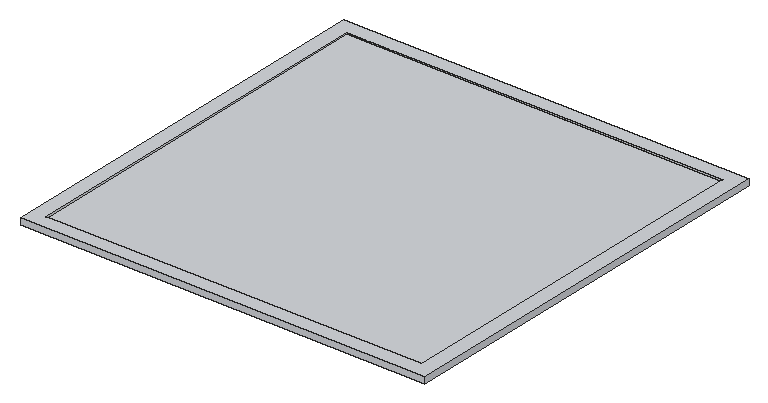
Revit family "0042217", category Lighting Fixtures, host Face, Revit 2017
Family settings
  Host = Face
  Round Connector Dimension = Use Diameter
  Part Type = Normal
  OmniClass Number = 23.80.70.00
  OmniClass Title = Lighting
  Cut with Voids When Loaded = No
  Light Source = Yes
  Shared = No
  Room Calculation Point = No
Parameters (values of type "0042217 ST PANEL UGR19 600X600 DALI 4800LM 840")
  Weight = "kg"
  Wattage Comments = ""
  Wattage = 43 W
  WarrantyStartDate [instance] = "n/a"
  WarrantyGuarantorParts = "n/a"
  WarrantyDurationUnit = "n/a"
  WarrantyDurationParts = "n/a"
  WarrantyDescription = "n/a"
  WIDTH_SYL = 297.5 mm
  built-in parameter 1150110 = 1 (stored number, unit not read)
  Voltage = 0 V
  URL = "http://www.sylvania-lighting.com"
  TypeName = "START Panel UGR19 600x600 DALI 4800Lm 840"
  Type Image = <None>
  Type Comments = "n/a"
  built-in parameter 1114217 = 1 (stored number, unit not read)
  Tilt Angle = -90.00°
  built-in parameter 1150109 = 1 (stored number, unit not read)
  built-in parameter 1150134 = 12
  TOPWIDTH_SYL = 245 mm
  built-in parameter 1150113 = 1 (stored number, unit not read)
  SerialNumber [instance] = "n/a"
  Photometric Web File = "0042217.ies"
  Material_3_SYL = none
  PowerFactor = 0.9
  PowerConsumption = "43 W"
  NominalLength = 595 mm
  NominalHeight = 34 mm
  NominalDepth = 595 mm
  Name = "START Panel UGR19 600x600 DALI 4800Lm 840"
  ModelReference = Name  # "START Panel UGR19 600x600 DALI 4800Lm 840"
  ModelNumber = "0042217"
  Model = Name  # "START Panel UGR19 600x600 DALI 4800Lm 840"
  Material = "aluminium,steel housing, other diffuser"
  ManufacturerName = "Feilo Sylvania"
  Manufacturer = "Feilo Sylvania"
  MAINHEIGHT_SYL = 63 mm
  LuminousEfficacy = "112 lm/W"
  built-in parameter 1150105 = 383.25 (stored number, unit not read)
  Lumens = 4816 lm
  LuminaireType = ""
  built-in parameter 1150115 = 1 (stored number, unit not read)
  LightOutputRatio = "n/a"
  built-in parameter 1150137 = (empty or 0)
  built-in parameter 1150139 = (empty or 0)
  LampsType = Lamp  # "LED"
  LampNominalLuminous = "4800 lm"
  LampMacAdamStep = "3"
  LampColourTemperature = "4000 K"
  LampColourRenderingIndex = "80"
  built-in parameter 1150112 = 1 (stored number, unit not read)
  built-in parameter 1150114 = 1 (stored number, unit not read)
  Lamp = "LED"
  LUMWIDTH_SYL = 276.5 mm
  LUMDEPTH_SYL = 276.5 mm
  Keynote = "16500"
  InstallationDate [instance] = "n/a"
  InputVoltage = "n/a"
  InputNominalFrequency = "n/a"
  built-in parameter 1150132 = (empty or 0)
  built-in parameter 1150102 = (empty or 0)
  built-in parameter 1150107 = 4000 (stored number, unit not read)
  built-in parameter 1150138 = (empty or 0)
  IngressProtection = "IP40/20"
  ImpactProtectionIndex = "IK03"
  built-in parameter 1150106 = 3.8325 (stored number, unit not read)
  IfcExportType = "IfcLightFixtureType"
  IfcExportAs = "IfcLightFixtureType"
  HEIGHT_SYL = 33 mm
  HEIGHTBOTT_SYL = 7 mm
  Emit from Circle Diameter = 609.6 mm
  Emit Shape Visible in Rendering = no
  ElectricShockClassification = "Class II"
  built-in parameter 1150104 = 10.405 (stored number, unit not read)
  DocumentationLiterature = "http://www.sylvania-lighting.com/product/en-int/products/0042217"
  DimmingControlOptions = "n/a"
  Material_2_SYL = none
  Dimming Lamp Color Temperature Shift = <None>
  Description = ""
  Default Elevation = 1219.2 mm
  DEPTH_SYL = 297.5 mm
  CreatedOn = "9/8/2020"
  CreatedBy = "@sylvania-lighting.com"
  Cost = 0
  Color Filter = 16777215
  built-in parameter 1114216 [instance] = (empty or 0)
  ClassificationValue = "EF_70_80"
  ClassificationName = "Uniclass2015"
  Material_1_SYL = none
  BarCode [instance] = "n/a"
  built-in parameter 1114218 = 1 (stored number, unit not read)
  BOX_WIDTH_SYL = 40 mm
  built-in parameter 1150133 = 10 (stored number, unit not read)
  AssetType = "Fixed"
  AssetIdentifier [instance] = "n/a"
  Assembly Code = "D5020200"
  Apparent Load = 43 VA
  Material_4_SYL = none
  -LUMDEPTH_SYL = LUMDEPTH_SYL * (-1)  # -276.5 mm
Types (15, lengths in mm): name | Wattage | TypeName | built-in parameter 1150134 | Photometric Web File | PowerConsumption | NominalHeight | Name | ModelReference | ModelNumber | Model | LuminousEfficacy | built-in parameter 1150105 | Lumens | LampNominalLuminous | LampMacAdamStep | LampColourTemperature | built-in parameter 1150107 | built-in parameter 1150106 | built-in parameter 1150104 | DocumentationLiterature | Apparent Load
  0042247 ST PANEL 600X600 HE DALI 4300LM 840 | 34 W | "START Panel 600x600 HE DALI 4300Lm 840" | 12 | "0042247.ies" | "34 W" | 34 | "START Panel 600x600 HE DALI 4300Lm 840" | "START Panel 600x600 HE DALI 4300Lm 840" | "0042247" | "START Panel 600x600 HE DALI 4300Lm 840" | "126 lm/W" | 340.91 (stored number, unit not read) | 4284 lm | "4300 lm" | "3" | "4000 K" | 4000 (stored number, unit not read) | 3.4091 (stored number, unit not read) | 11.706 (stored number, unit not read) | "http://www.sylvania-lighting.com/product/en-int/products/0042247" | 34 VA
  0042246 ST PANEL 600X600 HE DALI 4100LM 830 | 34 W | "START Panel 600x600 HE DALI 4100Lm 830" | (empty or 0) | "0042246.ies" | "34 W" | 34 | "START Panel 600x600 HE DALI 4100Lm 830" | "START Panel 600x600 HE DALI 4100Lm 830" | "0042246" | "START Panel 600x600 HE DALI 4100Lm 830" | "121 lm/W" | 327.38 (stored number, unit not read) | 4114 lm | "4100 lm" | "3" | "3000 K" | 3000 (stored number, unit not read) | 3.2738 (stored number, unit not read) | 11.241 (stored number, unit not read) | "http://www.sylvania-lighting.com/product/en-int/products/0042246" | 34 VA
  0042245 ST PANEL 600X600 DALI 4000LM 865 | 36 W | "START Panel 600x600 DALI 4000Lm 865" | 1 | "0042245.ies" | "36 W" | 34 | "START Panel 600x600 DALI 4000Lm 865" | "START Panel 600x600 DALI 4000Lm 865" | "0042245" | "START Panel 600x600 DALI 4000Lm 865" | "111 lm/W" | 317.99 (stored number, unit not read) | 3996 lm | "4000 lm" | "6" | "6500 K" | 6500 (stored number, unit not read) | 3.1799 (stored number, unit not read) | 10.312 (stored number, unit not read) | "http://www.sylvania-lighting.com/product/en-int/products/0042245" | 36 VA
  0042244 ST PANEL 600X600 DALI 4000LM 840 | 36 W | "START Panel 600x600 DALI 4000Lm 840" | 12 | "0042244.ies" | "36 W" | 34 | "START Panel 600x600 DALI 4000Lm 840" | "START Panel 600x600 DALI 4000Lm 840" | "0042244" | "START Panel 600x600 DALI 4000Lm 840" | "111 lm/W" | 317.99 (stored number, unit not read) | 3996 lm | "4000 lm" | "3" | "4000 K" | 4000 (stored number, unit not read) | 3.1799 (stored number, unit not read) | 10.312 (stored number, unit not read) | "http://www.sylvania-lighting.com/product/en-int/products/0042244" | 36 VA
  0042243 ST PANEL 600X600 DALI 3800LM 830 | 36 W | "START Panel 600x600 DALI 3800Lm 830" | (empty or 0) | "0042243.ies" | "36 W" | 34 | "START Panel 600x600 DALI 3800Lm 830" | "START Panel 600x600 DALI 3800Lm 830" | "0042243" | "START Panel 600x600 DALI 3800Lm 830" | "106 lm/W" | 303.67 (stored number, unit not read) | 3816 lm | "3800 lm" | "3" | "3000 K" | 3000 (stored number, unit not read) | 3.0367 (stored number, unit not read) | 9.8477 (stored number, unit not read) | "http://www.sylvania-lighting.com/product/en-int/products/0042243" | 36 VA
  0042218 ST PANEL UGR19 600X600 DALI 4800LM 865 | 43 W | "START Panel UGR19 600x600 DALI 4800Lm 865" | 1 | "0042218.ies" | "43 W" | 34 | "START Panel UGR19 600x600 DALI 4800Lm 865" | "START Panel UGR19 600x600 DALI 4800Lm 865" | "0042218" | "START Panel UGR19 600x600 DALI 4800Lm 865" | "112 lm/W" | 383.25 (stored number, unit not read) | 4816 lm | "4800 lm" | "6" | "6500 K" | 6500 (stored number, unit not read) | 3.8325 (stored number, unit not read) | 10.405 (stored number, unit not read) | "http://www.sylvania-lighting.com/product/en-int/products/0042218" | 43 VA
  0042217 ST PANEL UGR19 600X600 DALI 4800LM 840 | 43 W | "START Panel UGR19 600x600 DALI 4800Lm 840" | 12 | "0042217.ies" | "43 W" | 34 | "START Panel UGR19 600x600 DALI 4800Lm 840" | "START Panel UGR19 600x600 DALI 4800Lm 840" | "0042217" | "START Panel UGR19 600x600 DALI 4800Lm 840" | "112 lm/W" | 383.25 (stored number, unit not read) | 4816 lm | "4800 lm" | "3" | "4000 K" | 4000 (stored number, unit not read) | 3.8325 (stored number, unit not read) | 10.405 (stored number, unit not read) | "http://www.sylvania-lighting.com/product/en-int/products/0042217" | 43 VA
  0042216 ST PANEL UGR19 600X600 DALI 4600LM 830 | 43 W | "START Panel UGR19 600x600 DALI 4600Lm 830" | (empty or 0) | "0042216.ies" | "43 W" | 34 | "START Panel UGR19 600x600 DALI 4600Lm 830" | "START Panel UGR19 600x600 DALI 4600Lm 830" | "0042216" | "START Panel UGR19 600x600 DALI 4600Lm 830" | "107 lm/W" | 366.14 (stored number, unit not read) | 4601 lm | "4600 lm" | "3" | "3000 K" | 3000 (stored number, unit not read) | 3.6614 (stored number, unit not read) | 9.9406 (stored number, unit not read) | "http://www.sylvania-lighting.com/product/en-int/products/0042216" | 43 VA
  0042215 ST PANEL UGR19 600X600 DALI 4000LM 865 | 36 W | "START Panel UGR19 600x600 DALI 4000Lm 865" | 1 | "0042215.ies" | "36 W" | 35 | "START Panel UGR19 600x600 DALI 4000Lm 865" | "START Panel UGR19 600x600 DALI 4000Lm 865" | "0042215" | "START Panel UGR19 600x600 DALI 4000Lm 865" | "111 lm/W" | 317.99 (stored number, unit not read) | 3996 lm | "4000 lm" | "6" | "6500 K" | 6500 (stored number, unit not read) | 3.1799 (stored number, unit not read) | 10.312 (stored number, unit not read) | "http://www.sylvania-lighting.com/product/en-int/products/0042215" | 36 VA
  0042214 ST PANEL UGR19 600X600 DALI 4000LM 840 | 36 W | "START Panel UGR19 600x600 DALI 4000Lm 840" | 12 | "0042214.ies" | "36 W" | 35 | "START Panel UGR19 600x600 DALI 4000Lm 840" | "START Panel UGR19 600x600 DALI 4000Lm 840" | "0042214" | "START Panel UGR19 600x600 DALI 4000Lm 840" | "111 lm/W" | 317.99 (stored number, unit not read) | 3996 lm | "4000 lm" | "3" | "4000 K" | 4000 (stored number, unit not read) | 3.1799 (stored number, unit not read) | 10.312 (stored number, unit not read) | "http://www.sylvania-lighting.com/product/en-int/products/0042214" | 36 VA
  0042213 ST PANEL UGR19 600X600 DALI 3800LM 830 | 36 W | "START Panel UGR19 600x600 DALI 3800Lm 830" | (empty or 0) | "0042213.ies" | "36 W" | 35 | "START Panel UGR19 600x600 DALI 3800Lm 830" | "START Panel UGR19 600x600 DALI 3800Lm 830" | "0042213" | "START Panel UGR19 600x600 DALI 3800Lm 830" | "106 lm/W" | 303.67 (stored number, unit not read) | 3816 lm | "3800 lm" | "3" | "3000 K" | 3000 (stored number, unit not read) | 3.0367 (stored number, unit not read) | 9.8477 (stored number, unit not read) | "http://www.sylvania-lighting.com/product/en-int/products/0042213" | 36 VA
  0042212 ST PANEL UGR19 600X600 DALI 3600LM 865 | 36 W | "START Panel UGR19 600x600 DALI 3600Lm 865" | 1 | "0042212.ies" | "36 W" | 35 | "START Panel UGR19 600x600 DALI 3600Lm 865" | "START Panel UGR19 600x600 DALI 3600Lm 865" | "0042212" | "START Panel UGR19 600x600 DALI 3600Lm 865" | "100 lm/W" | 286.48 (stored number, unit not read) | 3600 lm | "3600 lm" | "6" | "6500 K" | 6500 (stored number, unit not read) | 2.8648 (stored number, unit not read) | 9.2903 (stored number, unit not read) | "http://www.sylvania-lighting.com/product/en-int/products/0042212" | 36 VA
  0042211 ST PANEL UGR19 600X600 DALI 3600LM 840 | 36 W | "START Panel UGR19 600x600 DALI 3600Lm 840" | 12 | "0042211.ies" | "36 W" | 35 | "START Panel UGR19 600x600 DALI 3600Lm 840" | "START Panel UGR19 600x600 DALI 3600Lm 840" | "0042211" | "START Panel UGR19 600x600 DALI 3600Lm 840" | "100 lm/W" | 286.48 (stored number, unit not read) | 3600 lm | "3600 lm" | "3" | "4000 K" | 4000 (stored number, unit not read) | 2.8648 (stored number, unit not read) | 9.2903 (stored number, unit not read) | "http://www.sylvania-lighting.com/product/en-int/products/0042211" | 36 VA
  0042210 ST PANEL UGR19 600X600 DALI 3400LM 830 | 36 W | "START Panel UGR19 600x600 DALI 3400Lm 830" | (empty or 0) | "0042210.ies" | "36 W" | 35 | "START Panel UGR19 600x600 DALI 3400Lm 830" | "START Panel UGR19 600x600 DALI 3400Lm 830" | "0042210" | "START Panel UGR19 600x600 DALI 3400Lm 830" | "94 lm/W" | 269.29 (stored number, unit not read) | 3384 lm | "3400 lm" | "3" | "3000 K" | 3000 (stored number, unit not read) | 2.6929 (stored number, unit not read) | 8.7329 (stored number, unit not read) | "http://www.sylvania-lighting.com/product/en-int/products/0042210" | 36 VA
  0042248 ST PANEL 600X600 HE DALI 4300LM 865 | 34 W | "START Panel 600x600 HE DALI 4300Lm 865" | 1 | "0042248.ies" | "34 W" | 34 | "START Panel 600x600 HE DALI 4300Lm 865" | "START Panel 600x600 HE DALI 4300Lm 865" | "0042248" | "START Panel 600x600 HE DALI 4300Lm 865" | "126 lm/W" | 340.91 (stored number, unit not read) | 4284 lm | "4300 lm" | "6" | "6500 K" | 6500 (stored number, unit not read) | 3.4091 (stored number, unit not read) | 11.706 (stored number, unit not read) | "http://www.sylvania-lighting.com/product/en-int/products/0042248" | 34 VA
Reference planes
  plane 1 "Center (Front/Back)": y = 0
  plane 2: z = 0
  plane 3 "Center (Left/Right)": x = 0
  plane 4: x = -297.5
  plane 5: x = 297.5
  plane 6: y = 297.5
  plane 7: y = -297.5
  plane 8: x = 276.5
  plane 9: x = -276.5
  plane 10: y = 276.5
  plane 11: y = -276.5
  plane 12: z = -33
  plane 13: z = -7
  plane 14: x = -245
  plane 15: x = 245
  plane 16: y = -245
  plane 17: y = 245
  plane 18: y = 276.5
  plane 19: y = -276.5
  plane 20: z = -63
  plane 21: x = -40
  plane 22: x = 40
Forms (mm)
  Extrusion 1, solid
    sketch origin (0, 0, 0) x (1, 0, 0) y (0, 1, 0)
      loop
        line (-297.5, 297.5) -> (-297.5, -297.5) -> (297.5, -297.5) -> (297.5, 297.5) -> (-297.5, 297.5)
    from -7 to 2
  Extrusion 2, void
    sketch origin (0, 0, 0) x (1, 0, 0) y (0, 1, 0)
      loop
        line (-276.5, 276.5) -> (-276.5, -276.5) -> (276.5, -276.5) -> (276.5, 276.5) -> (-276.5, 276.5)
    from 0 to 10
  Extrusion 3, solid
    sketch origin (0, 0, 0) x (1, 0, 0) y (0, 0, 1)
      loop
        line (-276.5, -7) -> (-245, -33) -> (245, -33) -> (276.5, -7) -> (-276.5, -7)
    from -276.5 <- "-LUMDEPTH_SYL" to 276.5 <- "LUMDEPTH_SYL"
  Extrusion 4, void
    sketch origin (319, 1524, 1219.2) x (0, 1, 0) y (0, 0, 1)
      loop
        line (-1279, -1252.2) -> (-1247.5, -1252.2) -> (-1247.5, -1226.2) -> (-1279, -1252.2)
      loop
        line (-1800.5, -1226.2) -> (-1800.5, -1252.2) -> (-1769, -1252.2) -> (-1800.5, -1226.2)
    from -1000 to 1000
  Extrusion 5, solid
    sketch origin (0, 0, 0) x (1, 0, 0) y (0, 0, 1)
      loop
        line (-40, -33) -> (-40, -63) -> (40, -63) -> (40, -33) -> (-40, -33)
    from -40 to 40
Cuts and joins
  Extrusion 2 cuts Extrusion 1
  Extrusion 4 cuts Extrusion 3
Dimensions and locks
  "WIDTH_SYL": plane 4 to plane 3 "Center (Left/Right)" to plane 5
  "DEPTH_SYL": plane 7 to plane 1 "Center (Front/Back)" to plane 6
  "LUMWIDTH_SYL": plane 9 to plane 3 "Center (Left/Right)" to plane 8
  "LUMDEPTH_SYL": plane 11 to plane 1 "Center (Front/Back)" to plane 10
  "HEIGHT_SYL": host face to plane 12
  "HEIGHTBOTT_SYL": host face to plane 13
  "TOPWIDTH_SYL": plane 14 to imposter light to plane 15
  "TOPWIDTH_SYL": plane 17 to imposter light to plane 16
  "LUMWIDTH_SYL": plane 18 to imposter light to plane 19
  "MAINHEIGHT_SYL": host face to plane 20
  "BOX_WIDTH_SYL": plane 21 to imposter light to plane 22
  Extrusion 5 sketch curve to Extrusion 5 sketch curve to plane 13 = 30 mm, 26 mm
  aligned and locked: plane 2 to host face
  aligned and locked: level to host face
  aligned and locked: plane 6 to Extrusion 1 sketch curve
  aligned and locked: plane 4 to Extrusion 1 sketch curve
  aligned and locked: Extrusion 1 sketch curve to plane 7
  aligned and locked: Extrusion 1 sketch curve to plane 5
  aligned and locked: plane 10 to Extrusion 2 sketch curve
  aligned and locked: Extrusion 2 sketch curve to plane 9
  aligned and locked: Extrusion 2 sketch curve to plane 11
  aligned and locked: plane 8 to Extrusion 2 sketch curve
  aligned and locked: Extrusion 5 sketch curve to plane 21
  aligned and locked: plane 22 to Extrusion 5 sketch curve
Automatic sketch dimensions
  host sketch curve to host sketch curve = 2438.4 mm  (x2)
  plane 9 to Extrusion 3 sketch curve = 0 mm
  Extrusion 3 sketch curve to plane 12 = 0 mm
  plane 14 to Extrusion 3 sketch curve = 0 mm
  plane 15 to Extrusion 3 sketch curve = 0 mm
  plane 8 to Extrusion 3 sketch curve = 0 mm
  Extrusion 3 sketch curve to plane 13 = 0 mm
  Extrusion 4 sketch curve to plane 11 = 0 mm
  plane 12 to Extrusion 4 sketch curve = 0 mm  (x2)
  Extrusion 4 sketch curve to plane 16 = 0 mm
  Extrusion 4 sketch curve to plane 17 = 0 mm
  Extrusion 4 sketch curve to plane 10 = 0 mm
  plane 13 to Extrusion 4 sketch curve = 0 mm  (x2)
